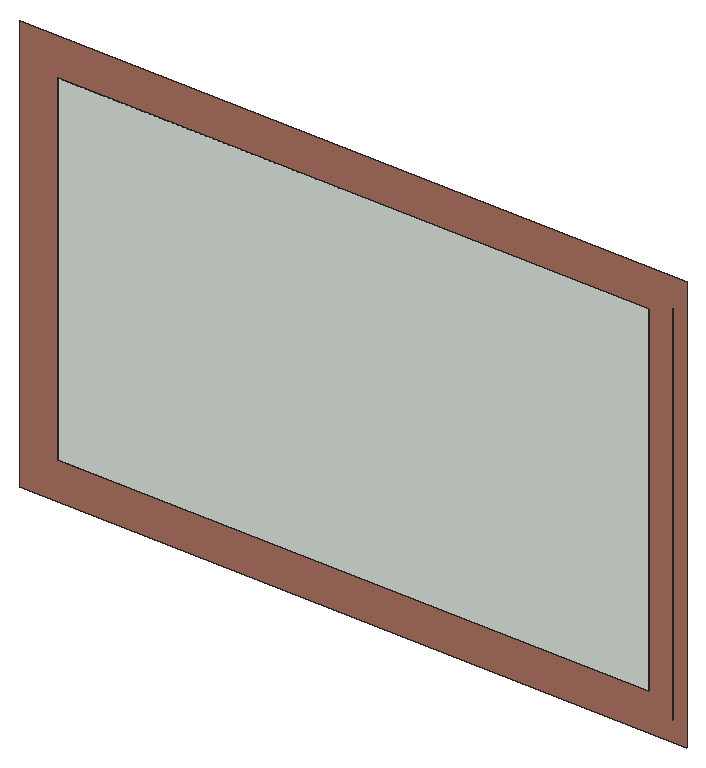
Revit family
Reference planes (in)
  plane 1: y = 0
  plane 2 "Center (Left/Right)": x = 0
  plane 3 "Wall Edge": y = 4
Forms (in)
  Extrusion 1, solid, material "jack daniels 1"
    sketch origin (0, 4, 118.07024) x (1, 0, 0) y (0, 0, -1)
      loop
        line (31.22083, 15.66865) -> (31.22083, 51.86365) -> (-31.22083, 51.86365) -> (-31.22083, 15.66865) -> (31.22083, 15.66865)
    from 0 to 1
  Sweep 2, solid, material "jack daniels 3"
    path in 3D
      loop
        line (-31.22083, 4, 66.2066) -> (31.22083, 4, 66.2066) -> (31.22083, 4, 102.4016) -> (-31.22083, 4, 102.4016) -> (-31.22083, 4, 66.2066)
    profile origin (-31.22083, 4, 84.3041) x (-1, 0, 0) y (0, -1, 0)
      loop
        line (0, 0) -> (0, -1.5)
        arc (0, -1.5) -> (0.89175, -0.83635) -> (2, -0.75) r 2.00411
        arc (2, -0.75) -> (2.41341, -0.33159) -> (3, -0.375) r 0.70144
        line (3, -0.375) -> (4, 0) -> (0, 0)
Lines and regions (in)
  sketch lines
    curve 1: line (-31.22083, 4, 102.4016) -> (-31.22083, 4, 66.2066)
    curve 2: line (31.22083, 4, 102.4016) -> (-31.22083, 4, 102.4016)
    curve 3: line (31.22083, 4, 66.2066) -> (31.22083, 4, 102.4016)
    curve 4: line (-31.22083, 4, 66.2066) -> (31.22083, 4, 66.2066)
Text (in)
  text "Placement Side" at (0, 40.15149, 123.01588), in view "Right"
  text "Placement Side" at (-70.3804, 28.46503, 0), in view "Ref. Level"
  text "Placement Side" at (0, 81.62555, 140.59947), in view "Left"
Dimensions and locks (in)
  locked: plane 3 "Wall Edge" to host wall
